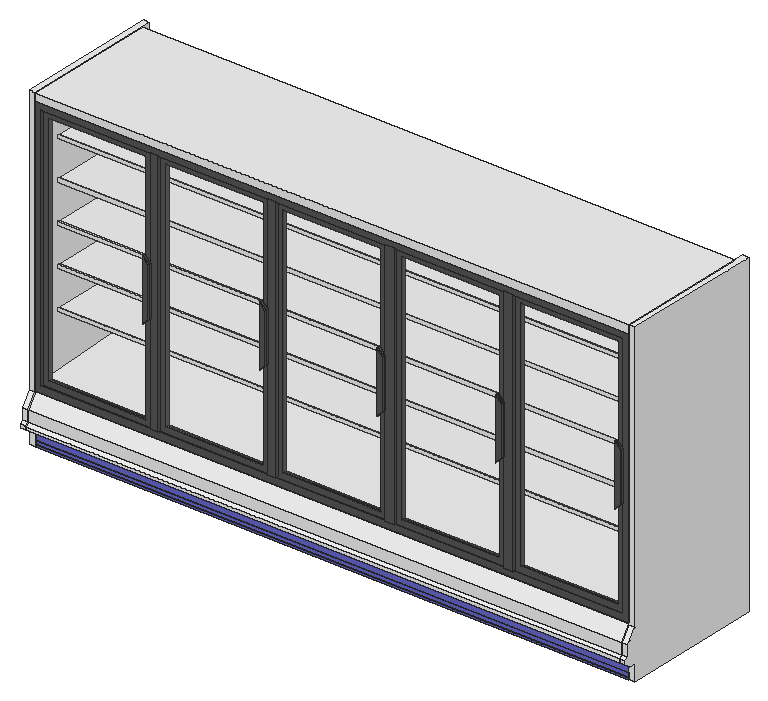
Revit family
Parameters (values of type "RMN-5DR. INNOVATOR II")
  Width = 153 5/16"
  Voltage [instance] = 120 V
  URL = "www.hussmann.com"
  Type Comments = "LT 5-Door Reach-In Merchandiser"
  Temp Sensor [instance] = "Low Voltage"
  System Control [instance] = "1.00 A"
  Standard Right End Cap On/Off [instance] = no
  Standard Left End Cap On/Off [instance] = no
  Revit Family Dates = "4/23/12PMA(0508)"
  Refrig. Suction [instance] = "Suction"
  Refrig. Liquid [instance] = "Liquid"
  Phase [instance] = 1
  Number of Shelves = 0
  Model = "RMN-5"
  Mirrored Right End Cap On/Off [instance] = yes
  Mirrored Left End Cap On/Off = yes
  Manufacturer = "Hussmann Corporation"
  MCA (Min Circ Amp) [instance] = 3.94 A
  Linear Shelf Length = 0"
  Height = 82 3/8"
  Front Height = 0"
  Frequency [instance] = 60 Hz
  Finish_Trim [instance] = Stainless Steel 2
  Finish_Top [instance] = none
  Finish_Shelf [instance] = Stainless Steel
  Finish_Handle = Metal Black-Door
  Finish_Glass [instance] = Glass 2
  Finish_Frame = Metal Black-Door
  Finish_Door [instance] = Metal Black-Door
  Finish_Case [instance] = Stainless Steel
  Finish_Bumper [instance] = Metal Blue-trim
  Finish_Base [instance] = Stainless Steel
  Final Hookup By [instance] = "N/A"
  Drain Pipe Size = "1 1/4\" DIA"
  Description 2 = "Impact Merchandiser with Hussmann Innovator II Doors"
  Description = "LT 5-Door Reach-In Merchandiser"
  Depth = 39 3/4"
  Copper-Suction [instance] = Copper
  Copper-Liquid [instance] = Copper
  Case Lights Amps [instance] = "3.00 A"
  Case Lights [instance] = 3 A
  Case Fans (MCA) [instance] = "3.94 A"
  Assembly Code = ""
Reference planes (in)
  plane 1 "Center (Front/Back)": y = 0
  plane 2: z = 0
  plane 3: z = 13.375
  plane 4: z = 80.375
  plane 5: z = 82.375
  plane 6: x = -77.30699
  plane 7: x = 76.00551
  plane 8: x = -0.49449
  plane 9: y = -39.75
  plane 10: y = -30.625
  plane 11: y = -28
  plane 12: x = -34.11949
  plane 13: x = 32.88051
Forms (in)
  Extrusion 1, solid, material "Stainless Steel" <- "Finish_Case"
    sketch origin (-77.30699, 0, 0) x (0, 1, 0) y (0, 0, 1)
      loop
        line (-5, 4.63662) -> (-2.5, 7.13662) -> (-2.5, 82.375) -> (-36.8125, 82.375) -> (-36.8125, 80.375) -> (-5.25, 80.375) -> (-5.25, 8.32075) -> (-24.32494, 7.65464) -> (-25.55546, 6.42413) -> (-29.05546, 6.42413) -> (-31, 8.36867) -> (-33.25, 8.36867) -> (-33.25, 6.36867) -> (-30.25, 4.63662) -> (-5, 4.63662)
    from 0 to 153.3125
  Extrusion 2, solid, material "Stainless Steel" <- "Finish_Case"
    sketch origin (-77.30699, 4, 0) x (0, 1, 0) y (0, 0, 1)
      loop
        line (-37.25, 13.375) -> (-40.75, 13.06879) -> (-43.04431, 9.79218) -> (-43.04431, 7.04218) -> (-43.75, 6.33649) -> (-43.75, 5.46372) -> (-42.51777, 4.6009) -> (-40.75, 6.36867) -> (-40.75, 8.36867) -> (-37.25, 8.36867) -> (-37.25, 13.375)
    from 0 to 153.3125
  Extrusion 3, solid, material "Stainless Steel" <- "Finish_Case"
    sketch origin (-77.30699, 0, 0) x (0, 1, 0) y (0, 0, 1)
      loop
        line (-5.25, 80.375) -> (-32.75, 80.375) -> (-32.75, 79.30701) -> (-7.5, 78.86627) -> (-7.5, 8.24218) -> (-5.25, 8.32075) -> (-5.25, 80.375)
    from 0 to 153.3125
  Extrusion 4, solid
    sketch origin (-77.30699, 0, 0) x (0, 1, 0) y (0, 0, 1)
      loop
        line (-33, 79.31138) -> (-33, 78.31138) -> (-30, 78.31138) -> (-30, 79.25901) -> (-33, 79.31138)
    from 0 to 150.375
  Extrusion 5, solid, material "Stainless Steel" <- "Finish_Base"
    sketch origin (-77.30699, 0, 0) x (0, 1, 0) y (0, 0, 1)
      loop
        line (-7.5, 8.24218) -> (-7.5, 14.02618) -> (-29, 14.02618) -> (-29, 11.02618)
        arc (-29, 11.02618) -> (-29.29289, 10.31907) -> (-30, 10.02618) r 1
        line (-30, 10.02618) -> (-31.25, 10.02618)
        arc (-31.25, 10.02618) -> (-31.95711, 10.31907) -> (-32.25, 11.02618) r 1
        line (-32.25, 11.02618) -> (-32.25, 13.375) -> (-33.25, 13.375) -> (-33.25, 8.36867) -> (-31, 8.36867) -> (-29.05546, 6.42413) -> (-25.55546, 6.42413) -> (-24.32494, 7.65464) -> (-7.5, 8.24218)
    from 0 to 153.3125
  Extrusion 6, solid, material "Stainless Steel" <- "Finish_Shelf"
    sketch origin (-77.30699, 0, 0) x (0, 1, 0) y (0, 0, 1)
      loop
        line (-7.5, 64.46157) -> (-7.5, 68.38662) -> (-8.5, 68.38662) -> (-8.5, 69.38662) -> (-29.5, 69.38662) -> (-29.5, 69.63662) -> (-29.75, 69.63662) -> (-29.75, 68.63662) -> (-29.5, 68.63662) -> (-29.5, 69.13662) -> (-26, 69.13662) -> (-26, 68.88662) -> (-13.81963, 68.88662) -> (-7.5, 64.46157)
      loop
        line (-34.54319, 13.85228) -> (-7.5, 15.26956) -> (-7.5, 16.27093) -> (-34.54319, 14.85366) -> (-34.54319, 13.85228)
      loop
        line (-7.5, 54.46157) -> (-7.5, 58.38662) -> (-8.5, 58.38662) -> (-8.5, 59.38662) -> (-29.5, 59.38662) -> (-29.5, 59.63662) -> (-29.75, 59.63662) -> (-29.75, 58.63662) -> (-29.5, 58.63662) -> (-29.5, 59.13662) -> (-26, 59.13662) -> (-26, 58.88662) -> (-13.81963, 58.88662) -> (-7.5, 54.46157)
      loop
        line (-7.5, 44.46157) -> (-7.5, 48.38662) -> (-8.5, 48.38662) -> (-8.5, 49.38662) -> (-29.5, 49.38662) -> (-29.5, 49.63662) -> (-29.75, 49.63662) -> (-29.75, 48.63662) -> (-29.5, 48.63662) -> (-29.5, 49.13662) -> (-26, 49.13662) -> (-26, 48.88662) -> (-13.81963, 48.88662) -> (-7.5, 44.46157)
      loop
        line (-7.5, 34.46157) -> (-7.5, 38.38662) -> (-8.5, 38.38662) -> (-8.5, 39.38662) -> (-29.5, 39.38662) -> (-29.5, 39.63662) -> (-29.75, 39.63662) -> (-29.75, 38.63662) -> (-29.5, 38.63662) -> (-29.5, 39.13662) -> (-26, 39.13662) -> (-26, 38.88662) -> (-13.81963, 38.88662) -> (-7.5, 34.46157)
      loop
        line (-7.5, 24.46157) -> (-7.5, 28.38662) -> (-8.5, 28.38662) -> (-8.5, 29.38662) -> (-29.5, 29.38662) -> (-29.5, 29.63662) -> (-29.75, 29.63662) -> (-29.75, 28.63662) -> (-29.5, 28.63662) -> (-29.5, 29.13662) -> (-26, 29.13662) -> (-26, 28.88662) -> (-13.81963, 28.88662) -> (-7.5, 24.46157)
    from 0 to 153.3125
  Extrusion 7, solid, material "Stainless Steel"
    sketch origin (-75.80699, 0, 0) x (0, 1, 0) y (0, 0, 1)
      loop
        line (0, 4.26162) -> (-33.84766, 4.26162) -> (-33.84766, 0) -> (0, 0) -> (0, 4.26162)
    from 0 to -1.5
  Extrusion 8, solid, material "Stainless Steel"
    sketch origin (74.50551, 0, 0) x (0, 1, 0) y (0, 0, 1)
      loop
        line (0, 4.26162) -> (-33.84766, 4.26162) -> (-33.84766, 0) -> (0, 0) -> (0, 4.26162)
    from 0 to 1.5
  Extrusion 9, solid, material "Metal Blue-trim"
    sketch origin (-80.30699, 4.8125, 0) x (0, 1, 0) y (0, 0, 1)
      loop
        line (-38.66016, 4.7871) -> (-39.66016, 5.36445) -> (-39.66016, 4.26162) -> (-41.3125, 4.55297) -> (-41.3125, 1.75) -> (-41.5625, 1.75) -> (-41.5625, 1) -> (-41.3125, 1) -> (-41.3125, 0.75) -> (-41.5625, 0.75) -> (-41.5625, 0.19004) -> (-39.66016, 0.52548) -> (-39.66016, 0) -> (-38.66016, 0) -> (-38.66016, 4.7871)
    from 3 to 156.3125
  Extrusion 10, solid, material "Stainless Steel"
    sketch origin (-80.30699, 0, 0) x (0, 1, 0) y (0, 0, 1)
      loop
        line (-33.84766, 1.76162) -> (0, 1.76162) -> (0, 4.26162) -> (-33.84766, 4.26162) -> (-33.84766, 1.76162)
    from 4.5 to 154.8125
  Extrusion 11, solid, material "Stainless Steel"
    sketch origin (-75.80699, 0, 0) x (0, 1, 0) y (0, 0, 1)
      loop
        line (-0.5532, 1.76162) -> (-2.8032, 1.76162) -> (-2.8032, 0) -> (-0.5532, 0) -> (-0.5532, 1.76162)
      loop
        line (-29.125, 1.76162) -> (-29.125, 0) -> (-26.875, 0) -> (-26.875, 1.76162) -> (-29.125, 1.76162)
    from 0 to 150.3125
  Extrusion 12, solid, material "Stainless Steel"
    sketch origin (-77.30699, 0, 0) x (0, 1, 0) y (0, 0, 1)
      loop
        line (-2.5, 4.26162) -> (0, 4.26162) -> (0, 50.13662) -> (-2.5, 50.13662) -> (-2.5, 4.26162)
    from 0 to 153.3125
  Sweep 13, solid, material "Metal Black-Door"
    path origin (0, 3.1875, 0) x (1, 0, 0) y (0, 0, 1)
      loop
        line (-77.30699, 80.375) -> (-77.30699, 13.375) -> (76.00551, 13.375) -> (76.00551, 80.375) -> (-77.30699, 80.375)
    profile origin (-0.65074, 3.1875, 80.375) x (0, 0, 1) y (0, -1, 0)
      loop
        line (0, 40) -> (-1.5, 40) -> (-1.5, 38.5) -> (0, 38.5) -> (0, 40)
  Extrusion 14, solid, material "Metal Black-Door"
    sketch origin (0, -36.8125, 0) x (0, 0, 1) y (1, 0, 0)
      loop
        line (78.875, -75.80699) -> (78.875, -47.53199) -> (14.875, -47.53199) -> (14.875, -75.80699) -> (78.875, -75.80699)
      loop
        line (77.375, -74.30699) -> (77.375, -49.03199) -> (16.375, -49.03199) -> (16.375, -74.30699) -> (77.375, -74.30699)
      loop
        line (78.875, -17.25699) -> (14.875, -17.25699) -> (14.875, -45.53199) -> (78.875, -45.53199) -> (78.875, -17.25699)
      loop
        line (77.375, -18.75699) -> (16.375, -18.75699) -> (16.375, -44.03199) -> (77.375, -44.03199) -> (77.375, -18.75699)
      loop
        line (78.875, -15.13199) -> (78.875, 13.14301) -> (14.875, 13.14301) -> (14.875, -15.13199) -> (78.875, -15.13199)
      loop
        line (77.375, -13.63199) -> (77.375, 11.64301) -> (16.375, 11.64301) -> (16.375, -13.63199) -> (77.375, -13.63199)
      loop
        line (78.875, 43.79301) -> (14.875, 43.79301) -> (14.875, 15.51801) -> (78.875, 15.51801) -> (78.875, 43.79301)
      loop
        line (77.375, 42.29301) -> (16.375, 42.29301) -> (16.375, 17.01801) -> (77.375, 17.01801) -> (77.375, 42.29301)
      loop
        line (78.875, 46.23051) -> (78.875, 74.50551) -> (14.875, 74.50551) -> (14.875, 46.23051) -> (78.875, 46.23051)
      loop
        line (77.375, 47.73051) -> (77.375, 73.00551) -> (16.375, 73.00551) -> (16.375, 47.73051) -> (77.375, 47.73051)
    from 0.5 to 1.5
  Extrusion 15, solid, material "Glass 2"
    sketch origin (0, -36.0625, 0) x (1, 0, 0) y (0, 0, 1)
      loop
        line (-74.30699, 77.375) -> (-74.30699, 16.375) -> (-49.03199, 16.375) -> (-49.03199, 77.375) -> (-74.30699, 77.375)
      loop
        line (-18.75699, 77.375) -> (-44.03199, 77.375) -> (-44.03199, 16.375) -> (-18.75699, 16.375) -> (-18.75699, 77.375)
      loop
        line (-13.63199, 77.375) -> (-13.63199, 16.375) -> (11.64301, 16.375) -> (11.64301, 77.375) -> (-13.63199, 77.375)
      loop
        line (42.29301, 77.375) -> (17.01801, 77.375) -> (17.01801, 16.375) -> (42.29301, 16.375) -> (42.29301, 77.375)
      loop
        line (47.73051, 77.375) -> (47.73051, 16.375) -> (73.00551, 16.375) -> (73.00551, 77.375) -> (47.73051, 77.375)
    from 0 to -0.19922
  Extrusion 16, solid, material "Metal Black-Door"
    sketch origin (-34.88125, 0.0625, 31.9375) x (1, 0, 0) y (0, 0, 1)
      loop
        line (-14.15074, 22.8125) -> (-14.15074, 22.45895) -> (-12.90074, 21.20895) -> (-12.90074, 8.66605) -> (-14.15074, 7.41605) -> (-14.15074, 7.0625) -> (-12.65074, 8.5625) -> (-12.65074, 21.3125) -> (-14.15074, 22.8125)
    from 36.875 to 37.375
  Extrusion 17, solid, material "Metal Black-Door"
    sketch origin (-34.88125, -37.3125, 31.9375) x (1, 0, 0) y (0, 0, 1)
      loop
        line (-12.65074, 21.3125) -> (-14.15074, 22.8125) -> (-14.15074, 7.0625) -> (-12.65074, 8.5625) -> (-12.65074, 21.3125)
    from 0.25 to 0
  Extrusion 18, solid, material "Metal Black-Door"
    sketch origin (-4.60625, 0.0625, 31.9375) x (1, 0, 0) y (0, 0, 1)
      loop
        line (-14.15074, 22.8125) -> (-14.15074, 22.45895) -> (-12.90074, 21.20895) -> (-12.90074, 8.66605) -> (-14.15074, 7.41605) -> (-14.15074, 7.0625) -> (-12.65074, 8.5625) -> (-12.65074, 21.3125) -> (-14.15074, 22.8125)
    from 36.875 to 37.375
  Extrusion 19, solid, material "Metal Black-Door"
    sketch origin (-4.60625, -37.3125, 31.9375) x (1, 0, 0) y (0, 0, 1)
      loop
        line (-12.65074, 21.3125) -> (-14.15074, 22.8125) -> (-14.15074, 7.0625) -> (-12.65074, 8.5625) -> (-12.65074, 21.3125)
    from 0.25 to 0
  Extrusion 20, solid, material "Metal Black-Door"
    sketch origin (25.79375, 0.0625, 31.9375) x (1, 0, 0) y (0, 0, 1)
      loop
        line (-14.15074, 22.8125) -> (-14.15074, 22.45895) -> (-12.90074, 21.20895) -> (-12.90074, 8.66605) -> (-14.15074, 7.41605) -> (-14.15074, 7.0625) -> (-12.65074, 8.5625) -> (-12.65074, 21.3125) -> (-14.15074, 22.8125)
    from 36.875 to 37.375
  Extrusion 21, solid, material "Metal Black-Door"
    sketch origin (25.79375, -37.3125, 31.9375) x (1, 0, 0) y (0, 0, 1)
      loop
        line (-12.65074, 21.3125) -> (-14.15074, 22.8125) -> (-14.15074, 7.0625) -> (-12.65074, 8.5625) -> (-12.65074, 21.3125)
    from 0.25 to 0
  Extrusion 22, solid, material "Metal Black-Door"
    sketch origin (56.4443, 0.0625, 31.9375) x (1, 0, 0) y (0, 0, 1)
      loop
        line (-14.15128, 22.8125) -> (-14.15128, 22.45895) -> (-12.90074, 21.20895) -> (-12.90074, 8.66605) -> (-14.15128, 7.41605) -> (-14.15128, 7.0625) -> (-12.65074, 8.5625) -> (-12.65074, 21.3125) -> (-14.15128, 22.8125)
    from 36.875 to 37.375
  Extrusion 23, solid, material "Metal Black-Door"
    sketch origin (56.4443, -37.3125, 31.9375) x (1, 0, 0) y (0, 0, 1)
      loop
        line (-12.65074, 21.3125) -> (-14.15128, 22.8125) -> (-14.15128, 7.0625) -> (-12.65074, 8.5625) -> (-12.65074, 21.3125)
    from 0.25 to 0
  Extrusion 24, solid, material "Metal Black-Door"
    sketch origin (87.1568, 0.0625, 31.9375) x (1, 0, 0) y (0, 0, 1)
      loop
        line (-14.15128, 22.8125) -> (-14.15128, 22.45895) -> (-12.90074, 21.20895) -> (-12.90074, 8.66605) -> (-14.15128, 7.41605) -> (-14.15128, 7.0625) -> (-12.65074, 8.5625) -> (-12.65074, 21.3125) -> (-14.15128, 22.8125)
    from 36.875 to 37.375
  Extrusion 25, solid, material "Metal Black-Door"
    sketch origin (87.1568, -37.3125, 31.9375) x (1, 0, 0) y (0, 0, 1)
      loop
        line (-12.65074, 21.3125) -> (-14.15128, 22.8125) -> (-14.15128, 7.0625) -> (-12.65074, 8.5625) -> (-12.65074, 21.3125)
    from 0.25 to 0
  Extrusion 26, solid, material "Metal Black-Door"
    sketch origin (0, -36.66406, 0) x (1, 0, 0) y (0, 0, 1)
      loop
        line (-47.53199, 78.875) -> (-47.53199, 14.875) -> (-45.53199, 14.875) -> (-45.53199, 78.875) -> (-47.53199, 78.875)
      loop
        line (-17.25699, 78.875) -> (-17.25699, 14.875) -> (-15.13199, 14.875) -> (-15.13199, 78.875) -> (-17.25699, 78.875)
      loop
        line (13.14301, 78.875) -> (13.14301, 14.875) -> (15.51801, 14.875) -> (15.51801, 78.875) -> (13.14301, 78.875)
      loop
        line (43.79301, 78.875) -> (43.79301, 14.875) -> (46.23051, 14.875) -> (46.23051, 78.875) -> (43.79301, 78.875)
    from 0.14844 to -1.35156
  Extrusion 27, solid, material "Glass 2"
    sketch origin (13.75, 4.15234, 0) x (1, 0, 0) y (0, 1, 0)
      loop
        circle (55.82723, -37) r 0.375
      loop
        circle (55.82723, -37) r 0.36775
      loop
        circle (54.95081, -37) r 0.375
      loop
        circle (54.95081, -37) r 0.36775
      loop
        circle (54.07439, -37) r 0.375
      loop
        circle (54.07439, -37) r 0.36775
      loop
        circle (53.19797, -37) r 0.375
      loop
        circle (53.19797, -37) r 0.36775
      loop
        circle (52.32155, -37) r 0.375
      loop
        circle (52.32155, -37) r 0.36775
    from 4.63662 to 1.75
  Extrusion 28, solid, material "Glass 2"
    sketch origin (0, 3.41819, 0) x (1, 0, 0) y (0, 1, 0)
      loop
        circle (-0.61558, -34.54319) r 0.625
      loop
        circle (-0.61558, -34.54319) r 0.57589
    from 6.42413 to 1.75
  Extrusion 29, solid, material "Copper" <- "Copper-Liquid"
    sketch origin (13.75, 4.5, 0) x (1, 0, 0) y (0, 1, 0)
      loop
        circle (54.73782, -34.5) r 0.1875
      loop
        circle (54.73782, -34.5) r 0.17725
    from 4.26162 to 1.32634
  Extrusion 30, solid, material "Copper" <- "Copper-Suction"
    sketch origin (13.75, 5.56507, 0) x (1, 0, 0) y (0, 1, 0)
      loop
        circle (55.82723, -35.56507) r 0.4375
      loop
        circle (55.82723, -35.56507) r 0.42774
    from 4.26162 to 1.32634
Lines and regions (in)
  symbolic lines
    curve 1: line (-77.30699, 0, 0) -> (76.00551, 0, 0)
    curve 2: line (-77.30699, -39.75, 0) -> (-77.30699, 0, 0)
    curve 3: line (76.00551, -39.75, 0) -> (-77.30699, -39.75, 0)
    curve 4: line (76.00551, 0, 0) -> (76.00551, -39.75, 0)
    curve 5: line (-75.80699, -39.75, 0) -> (-55.81354, -59.74344, 0)
    curve 6: line (-45.53199, -39.75, 0) -> (-25.53854, -59.74344, 0)
    curve 7: line (-15.13199, -39.75, 0) -> (4.86146, -59.74344, 0)
    curve 8: line (15.51801, -39.75, 0) -> (35.51146, -59.74344, 0)
    curve 9: line (46.23051, -39.75, 0) -> (66.22396, -59.74344, 0)
Dimensions and locks (in)
  plane 5 to level = 82 3/8"
  "Height": level to plane 5
  level to plane 3 = 13 3/8"
  plane 4 to plane 5 = 2"
  plane 6 to plane 7 = 153 5/16"
  plane 7 to plane 6 = 153 5/16"
  Extrusion 2 to Extrusion 12 = 39 3/4"
  plane 1 "Center (Front/Back)" to plane 9 = 39 3/4"
  plane 1 "Center (Front/Back)" to plane 10 = 30 5/8"
  plane 1 "Center (Front/Back)" to plane 11 = 28"
  plane 9 to plane 1 "Center (Front/Back)" = 39 3/4"
  plane 10 to plane 1 "Center (Front/Back)" = 30 5/8"
  plane 11 to plane 1 "Center (Front/Back)" = 28"
  aligned and locked: Extrusion 17 sketch curve to Extrusion 16  (x4)
  aligned and locked: Extrusion 19 sketch curve to Extrusion 18  (x2)
  aligned and locked: Extrusion 18 to Extrusion 19 sketch curve  (x2)
  aligned and locked: Extrusion 21 sketch curve to Extrusion 20  (x2)
  aligned and locked: Extrusion 20 to Extrusion 21 sketch curve  (x2)
  aligned and locked: Extrusion 23 sketch curve to Extrusion 22  (x2)
  aligned and locked: Extrusion 22 to Extrusion 23 sketch curve  (x2)
  aligned and locked: Extrusion 25 sketch curve to Extrusion 24  (x2)
  aligned and locked: Extrusion 24 to Extrusion 25 sketch curve  (x2)
Automatic sketch dimensions
  plane 4 to Extrusion 1 sketch curve = 0"
  plane 5 to Extrusion 1 sketch curve = 0"
  Extrusion 1 sketch curve to plane 9 = 2 15/16"
  plane 10 to Extrusion 1 sketch curve = 2 5/8"
  plane 10 to Extrusion 1 sketch curve = 3/8"
  Extrusion 1 sketch curve to plane 10 = 3/8"
  plane 11 to Extrusion 1 sketch curve = 1.05546"
  Extrusion 1 sketch curve to plane 11 = 2.44454"
  Extrusion 1 sketch curve to Extrusion 1 sketch curve = 1.23051"
  plane 1 "Center (Front/Back)" to Extrusion 1 sketch curve = 5 1/4"
  Extrusion 1 sketch curve to Extrusion 1 sketch curve = 1/4"
  plane 1 "Center (Front/Back)" to Extrusion 1 sketch curve = 2 1/2"
  plane 3 to Extrusion 1 sketch curve = 5.00633"
  plane 3 to Extrusion 1 sketch curve = 5.05425"
  plane 3 to Extrusion 1 sketch curve = 5.72036"
  Extrusion 1 sketch curve to Extrusion 1 sketch curve = 1.18413"
  Extrusion 1 sketch curve to Extrusion 1 sketch curve = 1.94454"
  Extrusion 1 sketch curve to Extrusion 1 sketch curve = 2"
  Extrusion 1 sketch curve to Extrusion 1 sketch curve = 2 1/2"
  Extrusion 2 sketch curve to plane 9 = 0"
  plane 3 to Extrusion 2 sketch curve = 0"
  Extrusion 2 sketch curve to plane 9 = 0.70569"
  Extrusion 2 sketch curve to plane 9 = 1.23223"
  Extrusion 2 sketch curve to Extrusion 2 sketch curve = 2.29431"
  plane 3 to Extrusion 2 sketch curve = 0.30621"
  Extrusion 2 sketch curve to plane 9 = 3"
  plane 10 to Extrusion 2 sketch curve = 2 5/8"
  plane 3 to Extrusion 2 sketch curve = 3.58282"
  Extrusion 2 sketch curve to Extrusion 2 sketch curve = 1.42351"
  Extrusion 2 sketch curve to Extrusion 2 sketch curve = 1.32649"
  Extrusion 2 sketch curve to Extrusion 2 sketch curve = 2"
  Extrusion 2 sketch curve to Extrusion 2 sketch curve = 0.70569"
  Extrusion 2 sketch curve to Extrusion 2 sketch curve = 0.87277"
  Extrusion 2 sketch curve to Extrusion 2 sketch curve = 0.86282"
  plane 4 to Extrusion 3 sketch curve = 0"
  plane 10 to Extrusion 3 sketch curve = 2 1/8"
  plane 1 "Center (Front/Back)" to Extrusion 3 sketch curve = 7 1/2"
  Extrusion 3 sketch curve to Extrusion 3 sketch curve = 2 1/4"
  plane 4 to Extrusion 3 sketch curve = 1.06799"
  plane 4 to Extrusion 3 sketch curve = 1.50873"
  plane 3 to Extrusion 3 sketch curve = 5.05425"
  Extrusion 3 sketch curve to Extrusion 3 sketch curve = 0.07857"
  plane 10 to Extrusion 4 sketch curve = 2 3/8"
  Extrusion 4 sketch curve to plane 10 = 5/8"
  plane 4 to Extrusion 4 sketch curve = 2.06362"
  Extrusion 4 sketch curve to Extrusion 4 sketch curve = 0.94763"
  Extrusion 4 sketch curve to Extrusion 4 sketch curve = 1"
  plane 3 to Extrusion 5 sketch curve = 0"
  plane 10 to Extrusion 5 sketch curve = 2 5/8"
  plane 10 to Extrusion 5 sketch curve = 1 5/8"
  plane 10 to Extrusion 5 sketch curve = 5/8"
  plane 10 to Extrusion 5 sketch curve = 3/8"
  Extrusion 5 sketch curve to plane 10 = 5/8"
  plane 11 to Extrusion 5 sketch curve = 1.05546"
  plane 11 to Extrusion 5 sketch curve = 1"
  Extrusion 5 sketch curve to plane 11 = 2.44454"
  Extrusion 5 sketch curve to Extrusion 5 sketch curve = 1.23051"
  plane 1 "Center (Front/Back)" to Extrusion 5 sketch curve = 7 1/2"
  plane 3 to Extrusion 5 sketch curve = 2.34882"
  Extrusion 5 sketch curve to Extrusion 5 sketch curve = 1.65751"
  plane 3 to Extrusion 5 sketch curve = 5 17/128"
  plane 3 to Extrusion 5 sketch curve = 5.72036"
  Extrusion 5 sketch curve to Extrusion 5 sketch curve = 1.94454"
  Extrusion 5 sketch curve to plane 3 = 0.65118"
  Extrusion 6 sketch curve to plane 3 = 0.47728"
  plane 10 to Extrusion 6 sketch curve = 3.91819"
  Extrusion 6 sketch curve to plane 10 = 7/8"  (x5)
  Extrusion 6 sketch curve to Extrusion 6 sketch curve = 1/4"  (x19)
  Extrusion 6 sketch curve to Extrusion 6 sketch curve = 0"  (x5)
  Extrusion 6 sketch curve to plane 11 = 2"  (x5)
  Extrusion 6 sketch curve to Extrusion 6 sketch curve = 12.18037"  (x2)
  Extrusion 6 sketch curve to Extrusion 6 sketch curve = 5.31963"  (x5)
  Extrusion 6 sketch curve to Extrusion 6 sketch curve = 1"  (x9)
  Extrusion 6 sketch curve to plane 3 = 2.89593"
  plane 1 "Center (Front/Back)" to Extrusion 6 sketch curve = 7 1/2"
  Extrusion 6 sketch curve to Extrusion 6 sketch curve = 1.00137"  (x2)
  Extrusion 6 sketch curve to Extrusion 6 sketch curve = 8.19064"
  Extrusion 6 sketch curve to Extrusion 6 sketch curve = 3.92505"  (x5)
  Extrusion 6 sketch curve to Extrusion 6 sketch curve = 13.78296"
  Extrusion 6 sketch curve to Extrusion 6 sketch curve = 1/2"  (x5)
  Extrusion 6 sketch curve to Extrusion 6 sketch curve = 5.07495"  (x4)
  Extrusion 6 sketch curve to Extrusion 6 sketch curve = 9"  (x4)
  Extrusion 7 sketch curve to level = 0"
  Extrusion 7 sketch curve to plane 1 "Center (Front/Back)" = 0"
  plane 10 to Extrusion 7 sketch curve = 3 57/256"
  Extrusion 7 sketch curve to Extrusion 7 sketch curve = 4.26162"
  Extrusion 8 sketch curve to level = 0"
  Extrusion 8 sketch curve to plane 1 "Center (Front/Back)" = 0"
  plane 10 to Extrusion 8 sketch curve = 3 57/256"
  level to Extrusion 8 sketch curve = 4.26162"
  Extrusion 9 sketch curve to level = 0"
  level to Extrusion 9 sketch curve = 1"
  Extrusion 9 sketch curve to plane 9 = 3"
  Extrusion 9 sketch curve to Extrusion 9 sketch curve = 0"
  Extrusion 9 sketch curve to Extrusion 9 sketch curve = 1/4"  (x3)
  Extrusion 9 sketch curve to Extrusion 9 sketch curve = 1 167/256"  (x2)
  level to Extrusion 9 sketch curve = 0.52548"
  Extrusion 9 sketch curve to Extrusion 9 sketch curve = 1"
  level to Extrusion 9 sketch curve = 0.19004"
  Extrusion 9 sketch curve to Extrusion 9 sketch curve = 3/4"
  Extrusion 9 sketch curve to Extrusion 9 sketch curve = 2.51162"
  Extrusion 9 sketch curve to Extrusion 9 sketch curve = 0.29135"
  Extrusion 9 sketch curve to Extrusion 9 sketch curve = 0.52548"
  Extrusion 9 sketch curve to Extrusion 9 sketch curve = 1.10283"
  Extrusion 10 sketch curve to plane 1 "Center (Front/Back)" = 0"
  plane 10 to Extrusion 10 sketch curve = 3 57/256"
  level to Extrusion 10 sketch curve = 1.76162"
  Extrusion 10 sketch curve to Extrusion 10 sketch curve = 2 1/2"
  Extrusion 11 sketch curve to level = 0"  (x2)
  plane 11 to Extrusion 11 sketch curve = 1 1/8"
  Extrusion 11 sketch curve to plane 11 = 1 1/8"
  plane 1 "Center (Front/Back)" to Extrusion 11 sketch curve = 2.8032"
  plane 1 "Center (Front/Back)" to Extrusion 11 sketch curve = 0.5532"
  Extrusion 11 sketch curve to Extrusion 11 sketch curve = 1.76162"  (x2)
  Extrusion 12 sketch curve to plane 1 "Center (Front/Back)" = 0"
  plane 1 "Center (Front/Back)" to Extrusion 12 sketch curve = 2 1/2"
  level to Extrusion 12 sketch curve = 4.26162"
  plane 4 to Extrusion 12 sketch curve = 30.23838"
  Sweep 13 sketch curve to plane 3 = 0"
  Sweep 13 sketch curve to plane 6 = 0"
  Sweep 13 sketch curve to plane 7 = 0"
  Sweep 13 sketch curve to plane 4 = 0"
  profile plane to Sweep 13 sketch curve = 0"
  profile plane to Sweep 13 sketch curve = 1 1/2"
  profile plane to Sweep 13 sketch curve = 38 1/2"
  Sweep 13 sketch curve to Sweep 13 sketch curve = 1 1/2"
  Extrusion 14 sketch curve to plane 3 = 1 1/2"  (x5)
  Extrusion 14 sketch curve to Extrusion 14 sketch curve = 1 1/2"  (x14)
  plane 4 to Extrusion 14 sketch curve = 3"  (x5)
  plane 4 to Extrusion 14 sketch curve = 1 1/2"  (x5)
  plane 6 to Extrusion 14 sketch curve = 1 1/2"
  Extrusion 14 sketch curve to Extrusion 14 sketch curve = 25.275"  (x2)
  Extrusion 14 sketch curve to Extrusion 14 sketch curve = 2"
  Extrusion 14 sketch curve to plane 8 = 18.2625"
  Extrusion 14 sketch curve to Extrusion 14 sketch curve = 2 1/8"
  plane 8 to Extrusion 14 sketch curve = 12.1375"
  Extrusion 14 sketch curve to Extrusion 14 sketch curve = 2 3/8"
  Extrusion 14 sketch curve to Extrusion 14 sketch curve = 2 7/16"
  Extrusion 14 sketch curve to plane 7 = 3"
  Extrusion 14 sketch curve to plane 7 = 1 1/2"
  plane 6 to Extrusion 15 sketch curve = 3"
  Extrusion 15 sketch curve to plane 3 = 3"  (x5)
  Extrusion 15 sketch curve to Extrusion 15 sketch curve = 25.275"  (x2)
  Extrusion 15 sketch curve to Extrusion 15 sketch curve = 5"
  Extrusion 15 sketch curve to plane 8 = 18.2625"
  Extrusion 15 sketch curve to Extrusion 15 sketch curve = 5 1/8"
  plane 8 to Extrusion 15 sketch curve = 12.1375"
  Extrusion 15 sketch curve to Extrusion 15 sketch curve = 5 3/8"
  Extrusion 15 sketch curve to Extrusion 15 sketch curve = 5 7/16"
  Extrusion 15 sketch curve to plane 7 = 3"
  plane 4 to Extrusion 15 sketch curve = 3"  (x5)
  plane 6 to Extrusion 16 sketch curve = 28.275"
  Extrusion 16 sketch curve to Extrusion 16 sketch curve = 0"
  Extrusion 16 sketch curve to Extrusion 16 sketch curve = 1 1/4"  (x2)
  Extrusion 16 sketch curve to Extrusion 16 sketch curve = 1/4"
  Extrusion 16 sketch curve to plane 3 = 25 5/8"
  Extrusion 16 sketch curve to Extrusion 16 sketch curve = 0.35355"  (x2)
  Extrusion 16 sketch curve to Extrusion 16 sketch curve = 1.14645"
  Extrusion 16 sketch curve to Extrusion 16 sketch curve = 0.10355"  (x2)
  Extrusion 16 sketch curve to Extrusion 16 sketch curve = 12.54289"
  Extrusion 18 sketch curve to plane 8 = 18.2625"
  Extrusion 18 sketch curve to Extrusion 18 sketch curve = 0"
  Extrusion 18 sketch curve to Extrusion 18 sketch curve = 1 1/4"  (x2)
  Extrusion 18 sketch curve to Extrusion 18 sketch curve = 1/4"
  Extrusion 18 sketch curve to plane 3 = 25 5/8"
  Extrusion 18 sketch curve to Extrusion 18 sketch curve = 0.35355"  (x2)
  Extrusion 18 sketch curve to Extrusion 18 sketch curve = 1.14645"
  Extrusion 18 sketch curve to Extrusion 18 sketch curve = 0.10355"  (x2)
  Extrusion 18 sketch curve to Extrusion 18 sketch curve = 12.54289"
  plane 8 to Extrusion 20 sketch curve = 12.1375"  (x2)
  Extrusion 20 sketch curve to Extrusion 20 sketch curve = 1 1/4"  (x2)
  Extrusion 20 sketch curve to Extrusion 20 sketch curve = 1/4"
  Extrusion 20 sketch curve to plane 3 = 25 5/8"
  Extrusion 20 sketch curve to Extrusion 20 sketch curve = 0.35355"  (x2)
  Extrusion 20 sketch curve to Extrusion 20 sketch curve = 1.14645"
  Extrusion 20 sketch curve to Extrusion 20 sketch curve = 0.10355"  (x2)
  Extrusion 20 sketch curve to Extrusion 20 sketch curve = 12.54289"
  Extrusion 22 sketch curve to plane 7 = 33.7125"
  Extrusion 22 sketch curve to Extrusion 22 sketch curve = 0"
  Extrusion 22 sketch curve to Extrusion 22 sketch curve = 1.25055"
  Extrusion 22 sketch curve to Extrusion 22 sketch curve = 1/4"
  Extrusion 22 sketch curve to plane 3 = 25 5/8"
  Extrusion 22 sketch curve to Extrusion 22 sketch curve = 0.35355"  (x2)
  Extrusion 22 sketch curve to Extrusion 22 sketch curve = 1.14645"
  Extrusion 22 sketch curve to Extrusion 22 sketch curve = 0.10355"  (x2)
  Extrusion 22 sketch curve to Extrusion 22 sketch curve = 12.54289"
  Extrusion 22 sketch curve to Extrusion 22 sketch curve = 1 1/4"
  Extrusion 24 sketch curve to plane 7 = 3"  (x2)
  Extrusion 24 sketch curve to plane 7 = 1.74945"
  Extrusion 24 sketch curve to Extrusion 24 sketch curve = 1/4"
  Extrusion 24 sketch curve to plane 3 = 25 5/8"
  Extrusion 24 sketch curve to Extrusion 24 sketch curve = 0.35355"  (x2)
  Extrusion 24 sketch curve to Extrusion 24 sketch curve = 1.14645"
  Extrusion 24 sketch curve to Extrusion 24 sketch curve = 0.10355"  (x2)
  Extrusion 24 sketch curve to Extrusion 24 sketch curve = 12.54289"
  Extrusion 24 sketch curve to Extrusion 24 sketch curve = 1 1/4"
  Extrusion 26 sketch curve to plane 3 = 1 1/2"  (x4)
  plane 6 to Extrusion 26 sketch curve = 29.775"
  Extrusion 26 sketch curve to Extrusion 26 sketch curve = 2"
  plane 4 to Extrusion 26 sketch curve = 1 1/2"  (x4)
  Extrusion 26 sketch curve to plane 8 = 16.7625"
  Extrusion 26 sketch curve to Extrusion 26 sketch curve = 2 1/8"
  plane 8 to Extrusion 26 sketch curve = 13.6375"
  Extrusion 26 sketch curve to Extrusion 26 sketch curve = 2 3/8"
  Extrusion 26 sketch curve to Extrusion 26 sketch curve = 28.275"
  Extrusion 26 sketch curve to Extrusion 26 sketch curve = 2 7/16"
  Extrusion 27 sketch curve to Extrusion 27 sketch curve = 0"  (x14)
  plane 10 to Extrusion 27 sketch curve = 2 57/256"
  Extrusion 27 sketch curve to plane 7 = 9.93396"
  Extrusion 27 sketch curve to Extrusion 27 sketch curve = 0.87642"  (x4)
  Extrusion 28 sketch curve to Extrusion 28 sketch curve = 0"  (x2)
  Extrusion 28 sketch curve to plane 8 = 31/256"
  plane 10 to Extrusion 28 sketch curve = 1/2"
  Extrusion 29 sketch curve to Extrusion 29 sketch curve = 0"  (x2)
  plane 11 to Extrusion 29 sketch curve = 2"
  Extrusion 29 sketch curve to plane 7 = 7.51769"
  Extrusion 30 sketch curve to Extrusion 30 sketch curve = 0"  (x3)
  plane 11 to Extrusion 30 sketch curve = 2"
  Extrusion 30 sketch curve to plane 7 = 6.42828"
  curve 3 to plane 6 = 0"
  plane 9 to curve 5 = 0"
  plane 9 to curve 6 = 0"
  plane 9 to curve 7 = 0"
  plane 9 to curve 8 = 0"
  plane 9 to curve 9 = 0"
  curve 3 to plane 7 = 0"
  plane 9 to curve 3 = 0"
  plane 1 "Center (Front/Back)" to curve 1 = 0"
  curve 2 to curve 5 = 1 1/2"
  plane 6 to curve 5 = 21.49344"
  plane 12 to curve 6 = 11.4125"
  curve 6 to plane 12 = 8.58094"
  curve 7 to plane 8 = 14.6375"
  plane 8 to curve 7 = 5.35594"
  plane 8 to curve 8 = 16.0125"
  plane 13 to curve 8 = 2.63094"
  plane 13 to curve 9 = 13.35"
  curve 9 to plane 7 = 9.78156"
  plane 9 to curve 9 = 19.99344"
  plane 9 to curve 6 = 19.99344"
  plane 9 to curve 7 = 19.99344"
  plane 9 to curve 8 = 19.99344"
  plane 9 to curve 5 = 19.99344"
  radius of Extrusion 27 sketch curve = 3/8"  (x5)
  radius of Extrusion 27 sketch curve = 0.36775"  (x5)
  radius of Extrusion 28 sketch curve = 5/8"
  radius of Extrusion 28 sketch curve = 0.57589"
  radius of Extrusion 29 sketch curve = 3/16"
  radius of Extrusion 29 sketch curve = 0.17725"
  radius of Extrusion 30 sketch curve = 7/16"
  radius of Extrusion 30 sketch curve = 0.42774"
Nested families (in)
  nested 1: "Label Annotation 3-32" at (-0.49449, -6.41728, 0), type "Label Annotation 3-32"
  nested 2: "RLN-INNOVATORII_END CAP MIRRORED" at (-75.1875, 0, 0.37544), visible <- "Mirrored Left End Cap On/Off", type "RLN-End Panel Mirrored"
    with Serial Number "N/A", Remarks "N/A", Received By "N/A", Furnished By "N/A", Finish_Trim Stainless Steel 2, Finish_Top none, Finish_Shelf Stainless Steel, Finish_Glass Glass 2, Finish_Door Metal Black-Door, Finish_Case Stainless Steel, Finish_Bumper Metal Blue-trim, Finish_Base Stainless Steel, Final Hookup By "N/A", Assembled By "N/A"
  nested 3: "RLN-INNOVATORII_END CAP MIRRORED" at (79.625, 0, 0.37544), visible <- "Mirrored Right End Cap On/Off", type "RLN-End Panel Mirrored"
    with Serial Number "N/A", Remarks "N/A", Received By "N/A", Furnished By "N/A", Finish_Trim Stainless Steel 2, Finish_Top none, Finish_Shelf Stainless Steel, Finish_Glass Glass 2, Finish_Door Metal Black-Door, Finish_Case Stainless Steel, Finish_Bumper Metal Blue-trim, Finish_Base Stainless Steel, Final Hookup By "N/A", Assembled By "N/A"
  nested 4: "RLN-INNOVATORII_END PANEL" at (-75.1875, 0, 0.37544), visible <- "Standard Left End Cap On/Off", type "RLN-End Panel Mirrored"
    with Serial Number "N/A", Remarks "N/A", Received By "N/A", Furnished By "N/A", Finish_Trim Stainless Steel 2, Finish_Top none, Finish_Shelf Stainless Steel, Finish_Glass Glass 2, Finish_Door Metal Black-Door, Finish_Case Stainless Steel, Finish_Bumper Metal Blue-trim, Finish_Base Stainless Steel, Final Hookup By "N/A", Assembled By "N/A"
  nested 5: "RLN-INNOVATORII_END PANEL" at (79.625, 0, 0.37544), visible <- "Standard Right End Cap On/Off", type "RLN-End Panel Mirrored"
    with Serial Number "N/A", Remarks "N/A", Received By "N/A", Furnished By "N/A", Finish_Trim Stainless Steel 2, Finish_Top none, Finish_Shelf Stainless Steel, Finish_Glass Glass 2, Finish_Door Metal Black-Door, Finish_Case Stainless Steel, Finish_Bumper Metal Blue-trim, Finish_Base Stainless Steel, Final Hookup By "N/A", Assembled By "N/A"
  nested 6: "Case Nodes" at (69.57328, -32.84573, 0), type "Case Nodes"
  nested 7: "Case Nodes" at (69.57412, -30, 0), type "Case Nodes"
  nested 8: "Case Nodes" at (-34.11949, -36.8125, 0), type "Case Nodes"
  nested 9: "Case Nodes" at (-34.11949, -30, 0), type "Case Nodes"
  nested 10: "Case Nodes" at (32.88051, -36.8125, 0) x (-1, 0, 0) z (0, 0, 1), type "Case Nodes"
  nested 11: "Case Nodes" at (32.88051, -30, 0) x (-1, 0, 0) z (0, 0, 1), type "Case Nodes"
Connectors (in)
  piping at (-0.61558, -31.125, 1.75), driven by "Drain Pipe Size"
    settings: on Extrusion 28, index 3, connector radius 5/8", flow factor 0, pipe flow 0 GPM, pressure drop 0.00 psi, fitting loss kfactor 0, connector angle 0.00°, fixture units 0, flow configuration 2, flow direction 2, fitting loss method 0, system type 16, connector reference index -1, connector utility 0, adjustable connector no, is connector primary yes, fitting loss table "", connector description "1 1/4\" DIA"
  electrical at (69.57723, -32.84766, 1.75), driven by "Phase"
    settings: on Extrusion 27, index 4, voltage 208 V, apparent load 0 VA, apparent load phase1 0 VA, apparent load phase2 0 VA, apparent load phase3 0 VA, power factor 1, load classification "Power", number of poles 1, system type 30, power factor state 1, is connector primary yes, connector utility no, sub classification motor no, connector description "16.82 A"
  electrical at (68.70081, -32.84766, 1.75), driven by "Case Fans (MCA)", driven by "Phase", driven by "Voltage"
    settings: on Extrusion 27, index 5, voltage 120 V, apparent load 0 VA, apparent load phase1 0 VA, apparent load phase2 0 VA, apparent load phase3 0 VA, power factor 1, load classification "Power", number of poles 1, system type 30, power factor state 1, is connector primary no, connector utility no, sub classification motor no, connector description "3.94 A"
  electrical at (67.82439, -32.84766, 1.75), driven by "Case Lights Amps", driven by "Phase", driven by "Voltage"
    settings: on Extrusion 27, index 6, voltage 120 V, apparent load 0 VA, apparent load phase1 0 VA, apparent load phase2 0 VA, apparent load phase3 0 VA, power factor 1, load classification "Lighting", number of poles 1, system type 30, power factor state 1, is connector primary no, connector utility no, sub classification motor no, connector description "3.00 A"
  electrical at (66.94797, -32.84766, 1.75), driven by "System Control"
    settings: on Extrusion 27, index 7, voltage 0 V, apparent load 0 VA, apparent load phase1 0 VA, apparent load phase2 0 VA, apparent load phase3 0 VA, power factor 1, load classification "Other", number of poles 1, system type 13, power factor state 1, is connector primary no, connector utility no, sub classification motor no, connector description "1.00 A"
  electrical at (66.07155, -32.84766, 1.75), driven by "Temp Sensor"
    settings: on Extrusion 27, index 8, voltage 0 V, apparent load 0 VA, apparent load phase1 0 VA, apparent load phase2 0 VA, apparent load phase3 0 VA, power factor 1, load classification "Other", number of poles 1, system type 5, power factor state 1, is connector primary no, connector utility no, sub classification motor no, connector description "Low Voltage"
  piping at (69.57723, -30, 1.32634), driven by "Refrig. Suction"
    settings: on Extrusion 30, index 9, connector radius 7/16", flow factor 0, pipe flow 0 GPM, pressure drop 0.00 psi, fitting loss kfactor 0, connector angle 0.00°, fixture units 0, flow configuration 0, flow direction 2, fitting loss method 0, system type 22, connector reference index -1, connector utility 0, adjustable connector no, is connector primary no, fitting loss table "", connector description "Suction"
  piping at (68.48782, -30, 1.32634), driven by "Refrig. Liquid"
    settings: on Extrusion 29, index 10, connector radius 3/16", flow factor 0, pipe flow 0 GPM, pressure drop 0.00 psi, fitting loss kfactor 0, connector angle 0.00°, fixture units 0, flow configuration 0, flow direction 1, fitting loss method 0, system type 22, connector reference index -1, connector utility 0, adjustable connector no, is connector primary no, fitting loss table "", connector description "Liquid"
Definition of nested family "RLN-INNOVATORII_END CAP MIRRORED"
  Parameters (values of type "RLN-End Panel Mirrored")
    Width = 1 1/2"
    Watts = ""
    Volts = ""
    URL = "www.hussmann.com"
    Type Comments = "N/A"
    Telephone = no
    Serial Number [instance] = "N/A"
    Remarks [instance] = "N/A"
    Refrigerant Type = "N/A"
    Received By [instance] = "N/A"
    Prototype = no
    Power = "N/A"
    PO Template = no
    Number of Shelves = 0
    Model = "RLN- Mirrored End Panel"
    Manufacturer = "Hussmann"
    Linear Shelf Length = 0"
    Item = "N/A"
    Install Date - Actual = "N/A"
    Install Data - Projected = "N/A"
    Hot Water = no
    Height = 82"
    HP = ""
    Gas Type = "N/A"
    Gas Pipe Size = "N/A"
    Furnished By [instance] = "N/A"
    Front Height = 0"
    Finish_Trim [instance] = Stainless Steel 2
    Finish_Top [instance] = none
    Finish_Shelf [instance] = Stainless Steel
    Finish_Handle = Metal Black-Door
    Finish_Glass [instance] = Glass 2
    Finish_Frame = Metal Black-Door
    Finish_Door [instance] = Metal Black-Door
    Finish_Case [instance] = Stainless Steel
    Finish_Bumper [instance] = Metal Blue-trim
    Finish_Base [instance] = Stainless Steel
    Final Hookup By [instance] = "N/A"
    Evap Temp = ""
    EMS = no
    Drain Pipe Size = "N/A"
    Divisional Use = "N/A"
    Description 2 = "Impact Merchandiser"
    Description = "Low Temperature Reach-in(Food or Ice Cream)"
    Depth = 39 3/4"
    Data = "N/A"
    Cold Water = no
    Class Code = "N/A"
    Category = "N/A"
    BTU Rating = "N/A"
    Assembly Code = "E1090320"
    Assembled By [instance] = "N/A"
    Amps = ""
    Accessories/Options = "N/A"
  Reference planes (in)
    plane 1 "Center (Front/Back)": y = 0
    plane 2: z = 0
    plane 3: y = -39.75
  Forms (in)
    Extrusion 1, solid, material "Stainless Steel" <- "Finish_Case"
      sketch origin (-3.61949, 0, -0.00032) x (0, 1, 0) y (0, 0, 1)
        loop
          line (0, 82) -> (-36.8125, 82) -> (-36.8125, 12.60453) -> (-39.04431, 9.41718) -> (-39.04431, 6.66718) -> (-39.75, 5.96149) -> (-39.75, 5.08872) -> (-38.19514, 4) -> (-36.75, 4) -> (-36.75, 0.00032) -> (0, 0.00032) -> (0, 82)
      from 0 to 1.5
  Lines and regions (in)
    symbolic lines
      curve 1: line (-3.61949, 0, 0) -> (-2.11949, 0, 0)
      curve 2: line (-3.61949, -39.75, 0) -> (-3.61949, 0, 0)
      curve 3: line (-2.11949, -39.75, 0) -> (-3.61949, -39.75, 0)
      curve 4: line (-2.11949, 0, 0) -> (-2.11949, -39.75, 0)
  Dimensions and locks (in)
    plane 1 "Center (Front/Back)" to Extrusion 1 = 39 3/4"
    plane 3 to plane 1 "Center (Front/Back)" = 39 3/4"
    Extrusion 1 to Extrusion 1 = 1 1/2"
    locked: Extrusion 1 to Extrusion 1 at 1.5  (x2)
    Extrusion 1 to level = 81.99968"
    aligned: curve 1 to Extrusion 1  (x2)
    aligned: curve 4 to Extrusion 1  (x2)
    aligned: Extrusion 1 to level
Definition of nested family "RLN-INNOVATORII_END PANEL"
  Parameters (values of type "RLN-End Panel")
    Width = 1 1/2"
    Watts = ""
    Volts = ""
    URL = "www.hussmann.com"
    Type Comments = "N/A"
    Telephone = no
    Serial Number [instance] = "N/A"
    Remarks [instance] = "N/A"
    Refrigerant Type = "N/A"
    Received By [instance] = "N/A"
    Prototype = no
    Power = "N/A"
    PO Template = no
    Number of Shelves = 0
    Model = "RLN- Mirrored End Panel"
    Manufacturer = "Hussmann"
    Linear Shelf Length = 0"
    Item = "N/A"
    Install Date - Actual = "N/A"
    Install Data - Projected = "N/A"
    Hot Water = no
    Height = 82"
    HP = ""
    Gas Type = "N/A"
    Gas Pipe Size = "N/A"
    Furnished By [instance] = "N/A"
    Front Height = 0"
    Finish_Trim [instance] = Stainless Steel 2
    Finish_Top [instance] = none
    Finish_Shelf [instance] = Stainless Steel
    Finish_Handle = Metal Black-Door
    Finish_Glass [instance] = Glass 2
    Finish_Frame = Metal Black-Door
    Finish_Door [instance] = Metal Black-Door
    Finish_Case [instance] = Stainless Steel
    Finish_Bumper [instance] = Metal Blue-trim
    Finish_Base [instance] = Stainless Steel
    Final Hookup By [instance] = "N/A"
    Evap Temp = ""
    EMS = no
    Drain Pipe Size = "N/A"
    Divisional Use = "N/A"
    Description 2 = "Impact Merchandiser"
    Description = "Low Temperature Reach-in(Food or Ice Cream)"
    Depth = 39 3/4"
    Data = "N/A"
    Cold Water = no
    Class Code = "N/A"
    Category = "N/A"
    BTU Rating = "N/A"
    Assembly Code = "E1090320"
    Assembled By [instance] = "N/A"
    Amps = ""
    Accessories/Options = "N/A"
  Reference planes (in)
    plane 1 "Center (Front/Back)": y = 0
    plane 2: z = 0
    plane 3: y = -39.75
  Forms (in)
    Extrusion 1, solid, material "Stainless Steel" <- "Finish_Case"
      sketch origin (-3.61949, 0, -0.37544) x (0, 1, 0) y (0, 0, 1)
        loop
          line (0, 82.375) -> (-36.8125, 82.375) -> (-36.8125, 12.97953) -> (-39.04431, 9.79218) -> (-39.04431, 7.04218) -> (-39.75, 6.33649) -> (-39.75, 5.46372) -> (-37.65959, 4) -> (-36.75, 4) -> (-36.75, 0.37544) -> (0, 0.37544) -> (0, 82.375)
      from 0 to 1.5
  Lines and regions (in)
    symbolic lines
      curve 1: line (-3.61949, 0, 0) -> (-2.11949, 0, 0)
      curve 2: line (-3.61949, -39.75, 0) -> (-3.61949, 0, 0)
      curve 3: line (-2.11949, -39.75, 0) -> (-3.61949, -39.75, 0)
      curve 4: line (-2.11949, 0, 0) -> (-2.11949, -39.75, 0)
  Dimensions and locks (in)
    plane 1 "Center (Front/Back)" to Extrusion 1 = 39 3/4"
    plane 3 to plane 1 "Center (Front/Back)" = 39 3/4"
    Extrusion 1 to Extrusion 1 = 1 1/2"
    locked: Extrusion 1 to Extrusion 1 at 1.5  (x2)
    Extrusion 1 to level = 81.99956"
    aligned: curve 1 to Extrusion 1  (x2)
    aligned: curve 4 to Extrusion 1  (x2)
Definition of nested family "Label Annotation 3-32"
  Parameters
    Label = ""
  Reference planes (in)
    plane 1: y = 0
    plane 2: x = 0
  Text (in)
    label "Label" at (0.00375, -0.00345, 0), shows "Label"
Definition of nested family "Case Nodes"
  Reference planes (in)
    plane 1 "Center (Front/Back)": y = 0
    plane 2: z = 0
    plane 3 "Center (Left/Right)": x = 0
  Lines and regions (in)
    model lines, style "InvisibleLines"
      curve 1: line (2.12132, 2.12132, 0) -> (-2.12132, -2.12132, 0)
      curve 2: line (-2.12132, 2.12132, 0) -> (2.12132, -2.12132, 0)
  Dimensions and locks (in)
    aligned and locked: plane 2 to level
